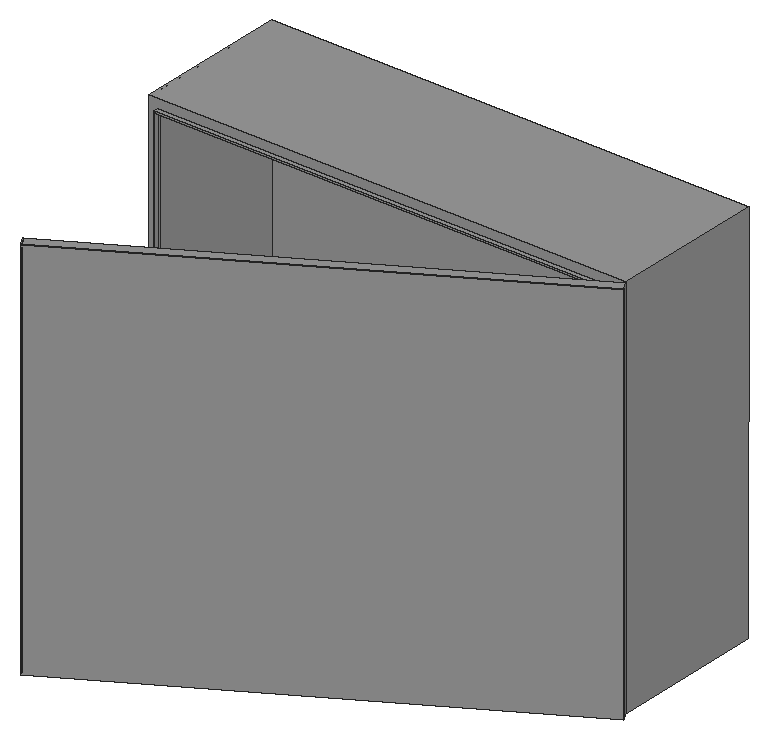
Revit family "Hager-Univers-IP55-D275-H650-Cl.II-Steel_encl-NoHosted-CH-de", category Equipement électrique, Revit 2020
Family settings
  Configuration du panneau = Deux colonnes, circuits au sein
  Cote de connecteur circulaire = Utiliser le diamètre
  Type d'élément = Tableau de raccordement
  Basée sur le plan de construction = Oui
  Toujours verticalement = Oui
  Couper avec des vides une fois chargée = Non
  Partagée = Non
  Point de calcul de pièce = Non
Parameters (values of type "Aufputz IP55 B800 H650 T275  - FR43S")
  Width Control [instance] = if([EF000008 - Breite] > Min Width, [EF000008 - Breite], Min Width)  # 800 mm
  Commentaires du type = [HG000003 - Bereich]  # "Univers"
  Thickness Door [instance] = if([EF009171 - Materialstärke Tür/Deckel] > 3 mm, 3 mm, [EF009171 - Materialstärke Tür/Deckel])  # 1.5 mm
  Seal Frame Offset [instance] = 17 mm  # constant formula
  Plinth Visibility [instance] = [HG000027 - Sockelhöhe] > 0 mm  # no
  Min Width [instance] = 100 mm  # constant formula
  Min Depth [instance] = (2 * [EF009170 - Materialstärke Gehäuse]) + 1 mm  # 4 mm
  Min Height [instance] = 100 mm  # constant formula
  Internal Frame Depth [instance] = (Door System Depth * 0.5)  # 9 mm
  Panel Name [instance] = ""  # (empty or 0)
  Model = ""
  HG000027 - Sockelhöhe = 0 mm
  HG000026 - Stehend auf dem Boden = no
  HG000024 - Höhe des unteren Teils = 600 mm
  HG000023 - Gehäuse mit doppeltem Querschnitt = no
  HG000016 - 3D-Türsichtbarkeit [instance] = yes
  HG000015 - Sichtbarkeit der Türöffnung [instance] = no
  HG000014 - Tür rechts [instance] = yes
  HG000013 - Tür links [instance] = not([HG000014 - Tür rechts])  # no
  HG000012 - Türschwenkwinkel [instance] = 30.00°
  HG000010 - Asymmetrische Türen = no
  HG000009 - Doppelflügeligen Tür = no
  HG000006 - Unterputz = no
  HG000004 - Herstellerreferenz = "FR43S"
  HG000003 - Bereich = "Univers"
  HG000002 - Mit tür = yes
  Frame Offset Bottom [instance] = 10 mm  # constant formula
  Frame Offset [instance] = 15 mm  # constant formula
  EF015940 - Deckel mit Überdruckentlastung = no
  EF011959 - Schutzart (NEMA) = ""
  EF009554 - Anzahl der Öffnungen für Flanschplatten = 6
  EF009212 - Ausführung Deckel = "EV000116 - geschlossen"
  EF009171 - Materialstärke Tür/Deckel = 1.5 mm
  EF009170 - Materialstärke Gehäuse = 1.5 mm
  EF008873 - Nennstrom (In) = 800 A
  EF007800 - Geeignet für Blitzschutz = no
  EF006306 - Mit Schloss = no
  EF006244 - Transparenter Deckel/Tür = no
  EF005474 - Schutzart (IP) = "EV006420 - IP55"
  EF004464 - Art der Tür = "EV002646 - Einzel"
  EF004427 - Anzahl der Module = 144
  EF004293 - Schlagfestigkeit = "EV008784 - IK10"
  EF003532 - Geeignet für Außengebrauch = no
  EF002950 - Breite in Teilungseinheiten = 24
  EF001613 - Funktionserhalt = "EV000494 - ohne"
  EF001596 - Werkstoff des Gehäuses = "EV000179 - Stahl"
  EF001131 - Innentiefe = 275 mm
  EF001088 - Anbaumöglichkeit = yes
  EF000437 - Anzahl der Leitungseinführungen = 6
  EF000339 - Art der Abdeckung = "EV004216 - Tür"
  EF000266 - Anzahl der Reihen = 4
  EF000218 - Einbautiefe = 0 mm
  EF000118 - Mit Montageplatte = no
  EF000116 - RAL-Nummer = "7035"
  EF000049 - Tiefe = 275 mm
  EF000040 - Höhe = 650 mm
  EF000008 - Breite = 800 mm
  EF000007 - Farbe = "EV000270 - grau"
  EF000003 - Montageart = "EV000384 - Aufputz"
  Door System Leaf Tolerance [instance] = 1.5 mm  # constant formula
  Door System Depth [instance] = 18 mm  # constant formula
  Door Height [instance] = Height Control - [HG000027 - Sockelhöhe]  # 650 mm
  Description = ""
  Default Elevation = 1219.2 mm
  Connector Offset [instance] = Height Control / 2  # 325 mm
  Fabricant = "Hager"  # constant formula
  Height Control [instance] = if([EF000040 - Höhe] > Min Height, [EF000040 - Höhe], Min Height)  # 650 mm
  Depth Control [instance] = if([EF000049 - Tiefe] > Min Depth, [EF000049 - Tiefe], Min Depth)  # 275 mm
  Bottom Top Plate Trim [instance] = 1.5 mm  # constant formula
  Plinth height Ctrl [instance] = if([HG000027 - Sockelhöhe] > 0 mm, [HG000027 - Sockelhöhe], 12 mm)  # 12 mm
Types (5, lengths in mm): name | Width Control | HG000010 - Asymmetrische Türen | HG000009 - Doppelflügeligen Tür | HG000004 - Herstellerreferenz | EF009554 - Anzahl der Öffnungen für Flanschplatten | EF004464 - Art der Tür | EF004427 - Anzahl der Module | EF000437 - Anzahl der Leitungseinführungen | EF000008 - Breite
  Aufputz IP55 B1050 H650 T275  - FR44S | 1050 | no | yes | "FR44S" | 8 | "EV003602 - Doppel" | 192 | 8 | 1050
  Aufputz IP55 B1300 H650 T275  - FR45S | 1300 | yes | yes | "FR45S" | 10 | "EV003602 - Doppel" | 240 | 10 | 1300
  Aufputz IP55 B300 H650 T275  - FR41S | 300 | no | no | "FR41S" | 2 | "EV002646 - Einzel" | 48 | 2 | 300
  Aufputz IP55 B550 H650 T275  - FR42S | 550 | no | no | "FR42S" | 4 | "EV002646 - Einzel" | 96 | 4 | 550
  Aufputz IP55 B800 H650 T275  - FR43S | 800 | no | no | "FR43S" | 6 | "EV002646 - Einzel" | 144 | 6 | 800
Reference planes
  plane 1 "Center (Front/Back)": y = 0
  plane 2: z = 0
  plane 3 "Center (Left/Right)": x = 0
  plane 4: y = 0
  plane 5: y = 0
  plane 6: z = 0
  plane 7: x = -400
  plane 8: x = 400
  plane 9: x = 398.5
  plane 10: x = -398.5
  plane 11: z = 0
  plane 12: z = 1.5
  plane 13: y = -275
  plane 14: y = -1.5
  plane 15: x = 0
  plane 16: y = -257
  plane 17: y = -273.5
  plane 18: y = -255.5
  plane 19: x = -383.5
  plane 20: x = 383.5
  plane 21: z = 11.5
  plane 22: x = -383
  plane 23: x = 383
  plane 24: z = 0
  plane 25: z = 650
  plane 26: z = 650
  plane 27: z = 633.5
  plane 28: z = 648.5
Forms (mm)
  Extrusion 1, solid, material "Hager_Steel_RAL7035_Light_Grey", detail levels medium+fine
    sketch origin (-208.679, -4572, 0) x (-1, 0, 0) y (0, -1, 0)
      loop
        line (191.321, -4315) -> (-608.679, -4315) -> (-608.679, -4572) -> (191.321, -4572) -> (191.321, -4315)
    from 0 to 650
  Extrusion 2, void
    sketch origin (-350.771, -275, 1219.2) x (1, 0, 0) y (0, 0, 1)
      loop
        line (-47.729, -570.7) -> (-47.729, -1217.7) -> (749.271, -1217.7) -> (749.271, -570.7) -> (-47.729, -570.7)
    from -19.5 to -273.5
  Extrusion 3, void
    sketch origin (-290.084, -257, 1219.2) x (1, 0, 0) y (0, 0, 1)
      loop
        line (-93.416, -1207.7) -> (673.584, -1207.7) -> (673.584, -585.7) -> (-93.416, -585.7) -> (-93.416, -1207.7)
    from 0 to -1.5
  Extrusion 4, solid, material "Hager_Steel_RAL7035_Light_Grey", visible <- "Plinth Visibility", detail levels medium+fine
    sketch origin (0, 0, 0) x (1, 0, 0) y (0, 1, 0)
      loop
        line (-400, 0) -> (-400, -257) -> (400, -257) -> (400, 0) -> (-400, 0)
    from 0 to 12 <- "Plinth height Ctrl"
  Extrusion 5, solid, material "Hager_Steel_RAL7035_Light_Grey", detail levels coarse
    sketch origin (0, 0, 0) x (1, 0, 0) y (0, 1, 0)
      loop
        line (-400, 0) -> (-400, -275) -> (400, -275) -> (400, 0) -> (-400, 0)
    from 0 to 650 <- "Height Control"
  Sweep 6, void
    path in 3D
      loop
        line (-400, -257, 12) -> (400, -257, 12) -> (400, 0, 12) -> (-400, 0, 12) -> (-400, -257, 12)
    profile origin (-400, -128.5, 12) x (1, 0, 0) y (0, 0, 1)
      loop
        line (0, 0) -> (0, -1.5) -> (1.5, -1.5)
        arc (1.5, -1.5) -> (1.061, -0.439) -> (0, 0) r 1.5
  Extrusion 7, solid, material "Hager_Steel_RAL7035_Light_Grey", detail levels fine
    sketch origin (-400, -257, 0) x (1, 0, 0) y (0, 0, 1)
      loop
        line (16.5, 11.5) -> (783.5, 11.5) -> (783.5, 633.5) -> (16.5, 633.5) -> (16.5, 11.5)
      loop
        line (15, 10) -> (785, 10) -> (785, 635) -> (15, 635) -> (15, 10)
    from 0 to 9 <- "Internal Frame Depth"
Cuts and joins
  Extrusion 2, Extrusion 3 cuts Extrusion 1
  Sweep 6 cuts Extrusion 4
Lines and regions (mm)
  Masking region 1
    outline origin (0, 0, 0) x (1, 0, 0) y (0, 1, 0)
      loop
        line (-400, 0) -> (-400, -275) -> (400, -275) -> (400, 0) -> (-400, 0)
  Masking region 2, detail levels coarse
    outline origin (-290.084, -257, 1219.2) x (-1, 0, 0) y (0, 0, 1)
      loop
        line (-690.084, -1219.2) -> (109.916, -1219.2) -> (109.916, -569.2) -> (-690.084, -569.2) -> (-690.084, -1219.2)
  Masking region 3, detail levels coarse
    outline origin (0, 0, 0) x (0, 1, 0) y (0, 0, 1)
      loop
        line (0, 0) -> (0, 650) -> (-275, 650) -> (-275, 0) -> (0, 0)
  Masking region 4, visible <- "Plinth Visibility", detail levels medium+fine
    outline origin (0, 0, 0) x (0, 1, 0) y (0, 0, 1)
      loop
        line (-1.5, 12) -> (-255.5, 12)
        arc (-255.5, 12) -> (-255.939, 10.939) -> (-257, 10.5) r 1.5
        line (-257, 10.5) -> (-257, 0) -> (0, 0) -> (0, 10.5)
        arc (0, 10.5) -> (-1.061, 10.939) -> (-1.5, 12) r 1.5
  Masking region 5, detail levels medium+fine
    outline origin (0, 0, 594.038) x (0, 1, 0) y (0, 0, 1)
      loop
        line (0, -594.038) -> (0, 55.962) -> (-257, 55.962) -> (-257, -594.038) -> (0, -594.038)
  Masking region 6, detail levels medium+fine
    outline origin (-359.7, -257, 1211.883) x (-1, 0, 0) y (0, 0, 1)
      loop
        line (-759.7, -1211.883) -> (40.3, -1211.883) -> (40.3, -561.883) -> (-759.7, -561.883) -> (-759.7, -1211.883)
  Masking region 7, visible <- "Plinth Visibility", detail levels medium+fine
    outline origin (-320.334, -257, 1041.368) x (-1, 0, 0) y (0, 0, 1)
      loop
        line (-720.334, -1041.368) -> (79.666, -1041.368) -> (79.666, -1030.868)
        arc (79.666, -1030.868) -> (78.606, -1030.429) -> (78.166, -1029.368) r 1.5
        line (78.166, -1029.368) -> (-718.834, -1029.368)
        arc (-718.834, -1029.368) -> (-719.273, -1030.429) -> (-720.334, -1030.868) r 1.5
        line (-720.334, -1030.868) -> (-720.334, -1041.368)
  sketch lines
    curve 1: line (-400, 0, 12) -> (-400, -257, 12)
    curve 2: line (-400, -257, 12) -> (400, -257, 12)
    curve 3: line (400, 0, 12) -> (-400, 0, 12)
    curve 4: line (400, -257, 12) -> (400, 0, 12)
Dimensions and locks
  locked: plane 1 "Center (Front/Back)" to plane 5
  "EF009170 - Materialstärke Gehäuse": plane 7 to plane 10
  "EF009170 - Materialstärke Gehäuse": plane 8 to plane 9
  equal spacing: plane 7, plane 3 "Center (Left/Right)", plane 8
  "Width Control": plane 7 to plane 8
  "Depth Control": plane 4 to plane 13
  "EF009170 - Materialstärke Gehäuse": plane 4 to plane 14
  "Height Control": plane 25 to level
  "HG000027 - Sockelhöhe": plane 11 to level
  "EF009170 - Materialstärke Gehäuse": plane 12 to plane 11
  "EF009170 - Materialstärke Gehäuse": plane 17 to plane 13
  "EF009170 - Materialstärke Gehäuse": plane 18 to plane 16
  "Frame Offset Bottom": plane 21 to plane 12
  "Frame Offset": plane 10 to plane 19
  "Frame Offset": plane 9 to plane 20
  "Door System Depth": plane 16 to plane 13
  "Seal Frame Offset": plane 7 to plane 22
  "Seal Frame Offset": plane 8 to plane 23
  "EF009170 - Materialstärke Gehäuse": plane 26 to plane 28
  "Frame Offset": plane 28 to plane 27
  "Connector Offset": plane 2 to connector elem
  "Bottom Top Plate Trim": profile plane to Sweep 6 sketch curve
  "Bottom Top Plate Trim": Sweep 6 sketch curve to Sweep 6 sketch curve
  "Plinth height Ctrl": Masking region 4 sketch curve to level
  "Plinth height Ctrl": Masking region 7 sketch curve to level
  "Thickness Door": Extrusion 7 sketch curve to Extrusion 7 sketch curve  (x4)
  "Bottom Top Plate Trim": radius of Sweep 6 sketch curve
  "Bottom Top Plate Trim": radius of Masking region 4 sketch curve  (x2)
  "Bottom Top Plate Trim": radius of Masking region 7 sketch curve  (x2)
  aligned and locked: Extrusion 2 sketch curve to plane 12
  aligned and locked: Extrusion 2 sketch curve to plane 9
  aligned and locked: Extrusion 2 sketch curve to plane 10
  aligned and locked: Extrusion 2 to plane 14
  aligned and locked: Extrusion 1 sketch curve to plane 4
  aligned and locked: plane 8 to Extrusion 1 sketch curve
  aligned and locked: plane 7 to Extrusion 1 sketch curve
  aligned and locked: Extrusion 2 to plane 18
  aligned and locked: Extrusion 3 sketch curve to plane 19
  aligned and locked: plane 20 to Extrusion 3 sketch curve
  aligned and locked: Extrusion 3 to Extrusion 2
  aligned and locked: Extrusion 3 sketch curve to plane 21
  aligned and locked: plane 3 "Center (Left/Right)" to nested 1
  aligned and locked: Extrusion 1 sketch curve to plane 16
  aligned and locked: Extrusion 4 sketch curve to cut or joined group of Extrusion 1, Extrusion 2, Extrusion 3
  aligned and locked: Masking region 1 sketch curve to plane 7
  aligned and locked: Masking region 1 sketch curve to plane 5
  aligned and locked: Masking region 1 sketch curve to plane 8
  aligned and locked: Masking region 2 sketch curve to level
  aligned and locked: level to Masking region 3 sketch curve
  aligned and locked: plane 1 "Center (Front/Back)" to Masking region 3 sketch curve
  aligned and locked: plane 13 to Masking region 3 sketch curve
  aligned and locked: plane 5 to Masking region 4 sketch curve
  aligned and locked: Masking region 2 sketch curve to plane 8
  aligned and locked: Masking region 2 sketch curve to plane 7
  aligned and locked: plane 7 to nested 2
  aligned and locked: nested 2 to plane 5
  aligned and locked: plane 5 to Masking region 5 sketch curve
  aligned and locked: plane 26 to Masking region 5 sketch curve
  aligned and locked: Extrusion 5 sketch curve to plane 8
  aligned and locked: Extrusion 5 sketch curve to plane 7
  aligned and locked: Extrusion 5 sketch curve to plane 5
  aligned and locked: Extrusion 3 sketch curve to plane 27
  aligned and locked: Extrusion 2 sketch curve to plane 28
  aligned and locked: Masking region 2 to plane 25
  aligned and locked: Extrusion 4 to plane 16
  aligned and locked: profile plane to Sweep 6 sketch curve
  aligned and locked: Masking region 5 sketch curve to plane 24
  aligned and locked: level to Masking region 4 sketch curve
  aligned and locked: Masking region 1 to plane 13
  aligned and locked: nested 1 to plane 16
  aligned and locked: Masking region 3 to plane 25
  aligned and locked: plane 16 to Masking region 4 sketch curve
  aligned and locked: Masking region 5 sketch curve to plane 16
  aligned and locked: plane 24 to plane 11
  aligned and locked: plane 26 to plane 25
  aligned and locked: plane 26 to cut or joined group of Extrusion 1, Extrusion 2, Extrusion 3
  aligned and locked: nested 1 to plane 24
  aligned and locked: Extrusion 1 to Extrusion 3
  aligned and locked: Masking region 6 sketch curve to plane 8
  aligned and locked: Masking region 6 sketch curve to plane 24
  aligned and locked: Masking region 6 sketch curve to plane 7
  aligned and locked: Masking region 6 sketch curve to plane 26
  aligned and locked: Masking region 7 sketch curve to plane 7
  aligned and locked: level to Masking region 7 sketch curve
  aligned and locked: Masking region 7 sketch curve to plane 8
  aligned and locked: Extrusion 7 sketch curve to cut or joined group of Extrusion 1, Extrusion 2, Extrusion 3  (x4)
Automatic sketch dimensions
  plane 19 to Extrusion 3 sketch curve = 0 mm
  Extrusion 3 sketch curve to plane 20 = 0 mm
  Extrusion 3 sketch curve to plane 21 = 0 mm
  Extrusion 4 sketch curve to plane 7 = 0 mm
  Extrusion 4 sketch curve to plane 8 = 0 mm
  Extrusion 4 sketch curve to plane 16 = 0 mm
  Masking region 1 sketch curve to plane 13 = 0 mm
  Masking region 2 sketch curve to plane 25 = 0 mm
  Masking region 3 sketch curve to plane 25 = 0 mm
  Extrusion 5 sketch curve to plane 13 = 0 mm
  profile plane to Sweep 6 sketch curve = 0 mm
Nested families
  nested 1: "EC000058_Univers_Door" at (0, -257, 0), Double <- "HG000009 - Doppelflügeligen Tür", Transparent <- "EF006244 - Transparenter Deckel/Tür", Angle <- "HG000012 - Türschwenkwinkel", Door_Right <- "HG000014 - Tür rechts", Assymetrical <- "HG000010 - Asymmetrische Türen", Door <- "HG000002 - Mit tür", Width_Ctrl <- "Width Control", 3d_Door <- "HG000016 - 3D-Türsichtbarkeit", Clearance <- "HG000015 - Sichtbarkeit der Türöffnung", Door_Left <- "HG000013 - Tür links", Width <- "Width Control", Door_Depth <- "Door System Depth", Leaf_Tolerance <- "Door System Leaf Tolerance", Height <- "Door Height", Lock_Visibility <- "EF006306 - Mit Schloss", Thickness <- "Thickness Door", type "EC000058_Univers_Door", detail levels medium+fine
    with min_wh 4 mm, Width_Ctrl 800 mm, Width 800 mm, Transparent no, Thickness 1.5 mm, Seal_Material Hager_Rubber, Lock_Visibility no, Lock_Material Hager_Plastic_RAL9005_Jet_Black, Leaf_Width 800 mm, Leaf_Tolerance_External_Sides 0 mm, Leaf_Tolerance 1.5 mm, Leaf_Offset 0 mm, Leaf_Height 647 mm, Leaf_2_Width 800 mm, Leaf_2_Offset 400 mm, Leaf_1_Width 800 mm, Leaf_1_Offset 400 mm, Height_Ctrl 650 mm, Height 650 mm, Glass_Material Hager_Glass, Double_Clearance_Ctrl no, Double no, Door_Right_Ctrl yes, Door_Right yes, Door_Material Hager_Steel_RAL7035_Light_Grey, Door_Left_Ctrl no, Door_Left no, Door_Depth 18 mm, Door yes, Clearance_Material Hager_Clearance, Clearance_Depth 800 mm, Clearance_Ctrl no, Clearance no, Assymetrical no, Angle 30.00°, 3d_Door yes
  nested 2: "Hager_Enclosure_Symbol" at (-400, 0, 0), Height <- "Depth Control", Width <- "Width Control", type "Hager_Enclosure_Symbol"
    with Width_Ctrl 800 mm, Width 800 mm, Height_Ctrl 275 mm, Height 275 mm, A_Width_Int 18.047 mm, A_Width 216.562 mm, A_Height_Ctrl 240.625 mm, A_Height 240.625 mm
Connectors
  electrical at (0, 0, 325)
    settings: on plane 1 "Center (Front/Back)", index 1, voltage 0 V, apparent load 0 VA, apparent load phase1 0 VA, apparent load phase2 0 VA, apparent load phase3 0 VA, power factor 1, load classification "Other", number of poles 1, system type 30, power factor state 1, is connector primary yes, connector utility no, sub classification motor no, connector description ""
Definition of nested family "EC000058_Univers_Door"
  Parameters (values of type "EC000058_Univers_Door")
    min_wh [instance] = (2 * Thickness) + 1 mm  # 11 mm
    Width_Ctrl [instance] = 400 mm
    Width [instance] = 500 mm
    Transparent [instance] = yes
    Thickness [instance] = 5 mm
    Seal_Material [instance] = none
    Lock_Visibility [instance] = yes
    Lock_Material [instance] = none
    Leaf_Width [instance] = if((Width_Ctrl - 2 * Leaf_Tolerance_External_Sides) > 0 mm, (Width_Ctrl - 2 * Leaf_Tolerance_External_Sides), min_wh)  # 400 mm
    Leaf_Tolerance_External_Sides [instance] = 0 mm  # constant formula
    Leaf_Tolerance [instance] = 1.5 mm
    Leaf_Offset [instance] = 0 mm  # constant formula
    Leaf_Height [instance] = if((Height_Ctrl - 2 * Leaf_Tolerance) > 0 mm, (Height_Ctrl - 2 * Leaf_Tolerance), min_wh)  # 497 mm
    Leaf_2_Width [instance] = if(and(and(Double, Assymetrical), Door_Left), (Leaf_Width / 3) - (Leaf_Tolerance / 2), if(and(and(Double, Assymetrical), Door_Right), (Leaf_Width / 3) * 2 - (Leaf_Tolerance / 2), if(and(Double, not(Assymetrical)), (Leaf_Width / 2) - Leaf_Tolerance, Leaf_Width)))  # 400 mm
    Leaf_2_Offset [instance] = if(and(Double, Assymetrical), Leaf_2_Width / 2, if(and(Double, not(Assymetrical)), Leaf_Width / 4, Leaf_Width / 2))  # 200 mm
    Leaf_1_Width [instance] = if(and(and(Double, Assymetrical), Door_Right), (Leaf_Width / 3) - (Leaf_Tolerance / 2), if(and(and(Double, Assymetrical), Door_Left), (Width / 3) * 2 - (Leaf_Tolerance / 2), if(and(Double, not(Assymetrical)), (Leaf_Width / 2) - Leaf_Tolerance, Leaf_Width)))  # 400 mm
    Leaf_1_Offset [instance] = if(and(Double, Assymetrical), Leaf_1_Width / 2, if(and(Double, not(Assymetrical)), Leaf_Width / 4, Leaf_Width / 2))  # 200 mm
    Height_Ctrl [instance] = if(Height > min_wh, Height, min_wh)  # 500 mm
    Height [instance] = 500 mm
    Glass_Material [instance] = none
    Double_Clearance_Ctrl [instance] = and(Double, Clearance)  # no
    Double [instance] = no
    Door_Right_Ctrl [instance] = and(or(Door_Right, Double), Door)  # yes
    Door_Right [instance] = yes
    Door_Material [instance] = none
    Door_Left_Ctrl [instance] = and(or(Door_Left, Double), Door)  # no
    Door_Left [instance] = no
    Door_Depth [instance] = 30 mm
    Door [instance] = yes
    Default Elevation = 1219.2 mm
    Clearance_Material [instance] = none
    Clearance_Depth [instance] = if(Leaf_1_Width > Leaf_2_Width, Leaf_1_Width, Leaf_2_Width)  # 400 mm
    Clearance_Ctrl [instance] = and(not(Double), Clearance)  # yes
    Clearance [instance] = yes
    Assymetrical [instance] = yes
    Angle [instance] = 30.00°
    3d_Door [instance] = yes
  Reference planes
    plane 1 "Center (Front/Back)": y = 0
    plane 2 "Bottom": z = 0
    plane 3 "Center (Left/Right)": x = 0
    plane 4: z = 500
    plane 5: x = -200
    plane 6: x = 200
    plane 7: z = 500
    plane 8: x = -200
    plane 9: z = 0
    plane 10: x = 200
    plane 11: y = 0
    plane 12: z = 1.5
    plane 13: x = -600
    plane 14: y = -400
    plane 15: x = 600
    plane 16: x = 0
    plane 17: x = 0
    plane 18: x = -200
    plane 19: x = 200
    plane 20: z = 498.5
  Forms (mm)
    Extrusion 1, solid, material <- "Clearance_Material", visible <- "Double_Clearance_Ctrl"
      sketch origin (1200, 0, 0) x (1, 0, 0) y (0, 0, -1)
        loop
          line (-1800, -498.5) -> (-600, -498.5) -> (-600, 0) -> (-1800, 0) -> (-1800, -498.5)
      from 0 to -400
  Dimensions and locks
    equal spacing: plane 5, plane 3 "Center (Left/Right)", plane 6
    "Width_Ctrl": plane 5 to plane 6
    "Leaf_Offset": plane 5 to plane 8
    "Leaf_Offset": plane 6 to plane 10
    "Leaf_Offset": plane 9 to level
    "Leaf_Offset": plane 4 to plane 7
    "Height_Ctrl": plane 4 to level
    "Leaf_Tolerance": plane 12 to plane 9
    locked: plane 11 to plane 1 "Center (Front/Back)"
    "Leaf_1_Offset": plane 18 to plane 16
    "Leaf_2_Offset": plane 17 to plane 19
    "Leaf_1_Width": plane 13 to plane 8
    "Leaf_2_Width": plane 10 to plane 15
    "Clearance_Depth": plane 14 to plane 1 "Center (Front/Back)"
    "Leaf_Tolerance_External_Sides": plane 8 to plane 18
    "Leaf_Tolerance_External_Sides": plane 19 to plane 10
    "Leaf_Tolerance": plane 7 to plane 20
    aligned and locked: level to plane 2 "Bottom"
    aligned and locked: nested 1 to plane 16
    aligned and locked: nested 2 to plane 17
    aligned and locked: Extrusion 1 to plane 13
    aligned and locked: plane 15 to Extrusion 1
    aligned and locked: Extrusion 1 to plane 14
    aligned and locked: plane 12 to nested 1
    aligned and locked: nested 2 to plane 12
    aligned and locked: Extrusion 1 to plane 11
    aligned and locked: plane 20 to Extrusion 1
    aligned and locked: nested 2 to plane 11
    aligned and locked: nested 1 to plane 11
  Automatic sketch dimensions
    Extrusion 1 sketch curve to level = 0 mm
    plane 5 to Extrusion 1 sketch curve = 400 mm
    plane 6 to Extrusion 1 sketch curve = 400 mm
    Extrusion 1 sketch curve to plane 4 = 1.5 mm
  Nested families
    nested 1: "EC000058_Univers_Door_Leaf" at (0, 0, 1.5), Width <- "Leaf_1_Width", visible <- "Door_Left_Ctrl", Leaf_Height <- "Leaf_Height", Angle <- "Angle", 3d_Door <- "3d_Door", Transparent <- "Transparent", Clearance Material <- "Clearance_Material", Clearance <- "Clearance_Ctrl", Door_Material <- "Door_Material", Glass_Material <- "Glass_Material", Door_Depth <- "Door_Depth", Lock_Material <- "Lock_Material", Seal_Material <- "Seal_Material", Lock_Visibility <- "Lock_Visibility", Thickness <- "Thickness", type "EC000058_Univers_Door_Leaf"
      with Width 400 mm, Transparent_Glass_Offset 30 mm, Transparent_Ctrl yes, Transparent yes, Thickness 5 mm, Standard no, Seal_Material none, Seal_D2 8 mm, Seal_D1 1 mm, Offset_Internal_Frame 10 mm, Lock_Width 20 mm, Lock_Visibility_3d yes, Lock_Visibility yes, Lock_Thickness_3 3 mm, Lock_Thickness_2 1 mm, Lock_Thickness_1 3 mm, Lock_Radius_Offset_2 16 mm, Lock_Radius_Offset_1 15 mm, Lock_Radius_2 5 mm, Lock_Radius 6 mm, Lock_Offset 5 mm, Lock_Material none, Lock_Height 80 mm, Lock_Cover_Top_Offset_2d 17 mm, Lock_Cover_Height -65 mm, Leaf_Height 497 mm, Internal_Seal_Thickness 8 mm, Internal_Seal_Depth_2 4.5 mm, Internal_Frame_Depth 25 mm, Glass_Thickness -1 mm, Glass_Offset -2 mm, Glass_Material none, Door_Material none, Door_Depth 30 mm, Clearance Material none, Clearance yes, Angle_Ctrl 30.00°, Angle 30.00°, 3d_Door yes
    nested 2: "EC000058_Univers_Door_Leaf" at (0, 0, 1.5) x (-1, 0, 0) z (0, 0, 1), Width <- "Leaf_2_Width", visible <- "Door_Right_Ctrl", Leaf_Height <- "Leaf_Height", Angle <- "Angle", 3d_Door <- "3d_Door", Transparent <- "Transparent", Clearance Material <- "Clearance_Material", Clearance <- "Clearance_Ctrl", Door_Material <- "Door_Material", Glass_Material <- "Glass_Material", Door_Depth <- "Door_Depth", Lock_Material <- "Lock_Material", Seal_Material <- "Seal_Material", Lock_Visibility <- "Lock_Visibility", Thickness <- "Thickness", type "EC000058_Univers_Door_Leaf"
      with Width 400 mm, Transparent_Glass_Offset 30 mm, Transparent_Ctrl yes, Transparent yes, Thickness 5 mm, Standard no, Seal_Material none, Seal_D2 8 mm, Seal_D1 1 mm, Offset_Internal_Frame 10 mm, Lock_Width 20 mm, Lock_Visibility_3d yes, Lock_Visibility yes, Lock_Thickness_3 3 mm, Lock_Thickness_2 1 mm, Lock_Thickness_1 3 mm, Lock_Radius_Offset_2 16 mm, Lock_Radius_Offset_1 15 mm, Lock_Radius_2 5 mm, Lock_Radius 6 mm, Lock_Offset 5 mm, Lock_Material none, Lock_Height 80 mm, Lock_Cover_Top_Offset_2d 17 mm, Lock_Cover_Height -65 mm, Leaf_Height 497 mm, Internal_Seal_Thickness 8 mm, Internal_Seal_Depth_2 4.5 mm, Internal_Frame_Depth 25 mm, Glass_Thickness -1 mm, Glass_Offset -2 mm, Glass_Material none, Door_Material none, Door_Depth 30 mm, Clearance Material none, Clearance yes, Angle_Ctrl 30.00°, Angle 30.00°, 3d_Door yes
  Definition of nested family "EC000058_Univers_Door_Leaf"
    Parameters (values of type "EC000058_Univers_Door_Leaf")
      Width [instance] = 2000 mm
      Transparent_Glass_Offset [instance] = 30 mm
      Transparent_Ctrl [instance] = and(Transparent, [3d_Door])  # yes
      Transparent [instance] = yes
      Thickness [instance] = 5 mm
      Standard [instance] = and(not(Transparent), [3d_Door])  # no
      Seal_Material [instance] = none
      Seal_D2 [instance] = 8 mm  # constant formula
      Seal_D1 [instance] = 1 mm  # constant formula
      Offset_Internal_Frame [instance] = 10 mm  # constant formula
      Lock_Width [instance] = 20 mm  # constant formula
      Lock_Visibility_3d [instance] = and(Lock_Visibility, [3d_Door])  # yes
      Lock_Visibility [instance] = yes
      Lock_Thickness_3 [instance] = 3 mm  # constant formula
      Lock_Thickness_2 [instance] = 1 mm  # constant formula
      Lock_Thickness_1 [instance] = 3 mm  # constant formula
      Lock_Radius_Offset_2 [instance] = Lock_Radius_Offset_1 + 1 mm  # 16 mm
      Lock_Radius_Offset_1 [instance] = 15 mm  # constant formula
      Lock_Radius_2 [instance] = Lock_Radius - 1 mm  # 5 mm
      Lock_Radius [instance] = 6 mm  # constant formula
      Lock_Offset [instance] = 5 mm  # constant formula
      Lock_Material [instance] = none
      Lock_Height [instance] = 80 mm  # constant formula
      Lock_Cover_Top_Offset_2d [instance] = Lock_Radius_Offset_2 + 1 mm  # 17 mm
      Lock_Cover_Height [instance] = -(Lock_Height - Lock_Radius_Offset_1)  # -65 mm
      Leaf_Height [instance] = 2720.336 mm
      Internal_Seal_Thickness [instance] = 8 mm  # constant formula
      Internal_Seal_Depth_2 [instance] = 4.5 mm  # constant formula
      Internal_Frame_Depth [instance] = if(Door_Depth - Thickness > 5 mm, Door_Depth - Thickness, 5 mm)  # 25 mm
      Glass_Thickness [instance] = if(Thickness > 15 mm, Glass_Offset + 10 mm, -1 mm)  # -1 mm
      Glass_Offset [instance] = if(Thickness > 15 mm, -(Thickness + 10 mm) / 2, -2 mm)  # -2 mm
      Glass_Material [instance] = none
      Door_Material [instance] = none
      Door_Depth [instance] = 30 mm
      Default Elevation = 0 mm
      Clearance Material [instance] = none
      Clearance [instance] = yes
      Angle_Ctrl [instance] = if(Angle > 180.00°, 180.00°, Angle)  # 90.00°
      Angle [instance] = 90.00°
      3d_Door [instance] = yes
    Reference planes
      plane 1 "Center (Front/Back)": y = 0
      plane 2: z = 0
      plane 3 "Center (Left/Right)": x = 0
      plane 4: y = 2000
      plane 5: x = -1000
      plane 6: x = 1000
      plane 7: x = -3000
      plane 8: z = 2720.336
      plane 9: z = 30
      plane 10: z = 2690.336
      plane 11: x = 970
      plane 12: x = -970
      plane 13: y = -3
      plane 14: z = 107.833
      plane 15: y = -5
      plane 16: y = -223.314
      plane 17: x = -1000
      plane 18: z = 1360.168
      plane 19: y = 30
    Forms (mm)
      Extrusion 1, solid, material <- "Clearance Material", visible <- "Clearance"
        sketch origin (0, 0, 0) x (1, 0, 0) y (0, 0, 1)
          loop
            line (-3000, 2720.336) -> (-3000, 0) -> (1000, 0) -> (1000, 2720.336) -> (-3000, 2720.336)
        from 0 to -2000
      Extrusion 2, solid, material <- "Door_Material", visible <- "Standard", detail levels medium+fine
        sketch origin (-1000, 0, 0) x (0, 1, 0) y (-1, 0, 0)
          loop
            line (0, 30) -> (0, 25) -> (2000, 25) -> (2000, 30) -> (0, 30)
        from 0 to 2720.336 <- "Leaf_Height"
      Extrusion 3, solid, material <- "Door_Material", visible <- "Transparent_Ctrl", detail levels medium+fine
        sketch origin (-1000, 0, 0) x (0, 1, 0) y (-1, 0, 0)
          loop
            line (0, 25) -> (2000, 25) -> (2000, 30) -> (0, 30) -> (0, 25)
        from 0 to 2720.336 <- "Leaf_Height"
      Extrusion 4, void
        sketch origin (-1025, 2000, 0) x (0, 1, 0) y (0, 0, -1)
          loop
            line (-30, -2690.336) -> (-30, -30) -> (-1970, -30) -> (-1970, -2690.336) -> (-30, -2690.336)
        from 0 to 5 <- "Thickness"
      Sweep 5, solid, material <- "Seal_Material", visible <- "Transparent_Ctrl", detail levels fine
        path in 3D
          loop
            line (-1025, 30, 30) -> (-1025, 30, 2690.336) -> (-1025, 1970, 2690.336) -> (-1025, 1970, 30) -> (-1025, 30, 30)
        profile origin (-1025, 1000, 30) x (1, 0, 0) y (0, 0, 1)
          loop
            line (0, 0) -> (0, -8) -> (1, -8) -> (1, 0) -> (0, 0)
      Extrusion 6, solid, material <- "Glass_Material", visible <- "Transparent_Ctrl", detail levels medium+fine
        sketch origin (-1030, 0, 0) x (0, 1, 0) y (0, 0, -1)
          loop
            line (1970, -2690.336) -> (1970, -30) -> (30, -30) -> (30, -2690.336) -> (1970, -2690.336)
        from -2 <- "Glass_Offset" to -1 <- "Glass_Thickness"
      Extrusion 7, solid, material <- "Door_Material", visible <- "3d_Door", detail levels medium+fine
        sketch origin (-1025, 2000, 0) x (0, -1, 0) y (0, 0, -1)
          loop
            line (0, -2720.336) -> (2000, -2720.336) -> (2000, 0) -> (0, 0) -> (0, -2720.336)
          loop
            line (1995, -5) -> (5, -5) -> (5, -2715.336) -> (1995, -2715.336) -> (1995, -5)
        from 0 to 25 <- "Internal_Frame_Depth"
      Sweep 8, solid, material <- "Seal_Material", visible <- "Transparent_Ctrl", detail levels fine
        path in 3D
          loop
            line (-1025, 0, 0) -> (-1025, 2000, 0) -> (-1025, 2000, 2720.336) -> (-1025, 0, 2720.336) -> (-1025, 0, 0)
        profile origin (-1025, 0, 1360.168) x (1, 0, 0) y (0, 1, 0)
          loop
            line (0, 10) -> (2.975, 10)
            arc (2.975, 10) -> (4.053, 10.447) -> (4.5, 11.525) r 1.525
            line (4.5, 11.525) -> (4.5, 16.527)
            arc (4.5, 16.527) -> (4.069, 17.569) -> (3.027, 18) r 1.473
            line (3.027, 18) -> (0, 18) -> (0, 10)
      Extrusion 9, solid, material <- "Lock_Material", visible <- "Lock_Visibility_3d", detail levels fine
        sketch origin (-1030, 0, 0) x (0, 1, 0) y (0, 0, -1)
          loop
            arc (1993.5, -1400.168) -> (1994.561, -1399.729) -> (1995, -1398.668) r 1.5
            line (1995, -1398.668) -> (1995, -1320.168) -> (1975, -1320.168) -> (1975, -1398.668)
            arc (1975, -1398.668) -> (1975.439, -1399.729) -> (1976.5, -1400.168) r 1.5
            line (1976.5, -1400.168) -> (1993.5, -1400.168)
        from 3 <- "Lock_Thickness_1" to 0
      Blend 10, solid, material <- "Lock_Material", visible <- "Lock_Visibility_3d", detail levels fine
        base sketch origin (-1033, 0, 0) x (0, 1, 0) y (0, 0, -1)
          loop
            line (1975, -1320.168) -> (1975, -1398.668)
            arc (1975, -1398.668) -> (1975.439, -1399.729) -> (1976.5, -1400.168) r 1.5
            line (1976.5, -1400.168) -> (1993.5, -1400.168)
            arc (1993.5, -1400.168) -> (1994.561, -1399.729) -> (1995, -1398.668) r 1.5
            line (1995, -1398.668) -> (1995, -1320.168) -> (1975, -1320.168)
        top sketch origin (-1033, 0, 0) x (0, 1, 0) y (0, 0, -1)
          loop
            line (1976, -1320.168) -> (1976, -1398.668)
            arc (1976, -1398.668) -> (1976.146, -1399.022) -> (1976.5, -1399.168) r 0.5
            line (1976.5, -1399.168) -> (1993.5, -1399.168)
            arc (1993.5, -1399.168) -> (1993.854, -1399.022) -> (1994, -1398.668) r 0.5
            line (1994, -1398.668) -> (1994, -1320.168) -> (1976, -1320.168)
        from 0 to 1 <- "Lock_Thickness_2"
      Blend 11, solid, material <- "Lock_Material", visible <- "Lock_Visibility_3d", detail levels fine
        base sketch origin (-1034, 0, 0) x (0, 1, 0) y (0, 0, -1)
          loop
            line (1978, -1320.168) -> (1978, -1384.168)
            arc (1978, -1384.168) -> (1985, -1391.168) -> (1992, -1384.168) r 7
            line (1992, -1384.168) -> (1992, -1320.168) -> (1978, -1320.168)
        top sketch origin (-1034, 0, 0) x (0, 1, 0) y (0, 0, -1)
          loop
            line (1991, -1320.168) -> (1979, -1320.168) -> (1979, -1383.168)
            arc (1979, -1383.168) -> (1985, -1389.168) -> (1991, -1383.168) r 6
            line (1991, -1383.168) -> (1991, -1320.168)
        from 0 to 3 <- "Lock_Thickness_3"
      Extrusion 12, solid, material <- "Lock_Material", visible <- "Lock_Visibility_3d", detail levels fine
        sketch origin (-1030, 1975, 1320.168) x (1, 0, 0) y (0, -1, 0)
          loop
            line (-7, -19) -> (-7, -1) -> (0, -1) -> (0, 0) -> (-8, 0) -> (-8, -20) -> (0, -20) -> (0, -19) -> (-7, -19)
        from 0 to -65 <- "Lock_Cover_Height"
      Extrusion 13, void
        sketch origin (-1038, 1995, 1320.168) x (-1, 0, 0) y (0, 0, -1)
          loop
            line (-5, -65) -> (0, -65) -> (-5, -60) -> (-5, -65)
        from 0 to 20 <- "Lock_Width"
      Extrusion 14, void
        sketch origin (-1038, 1975, 1320.168) x (0, -1, 0) y (0, 0, -1)
          loop
            circle (-10, -15.995) r 6
          loop
            circle (-10, -15.995) r 5
        from 0 to 2
      Extrusion 15, solid, material <- "Lock_Material", visible <- "Lock_Visibility_3d", detail levels medium
        sketch origin (-1030, 0, 0) x (0, 1, 0) y (0, 0, -1)
          loop
            arc (1993.5, -1400.168) -> (1994.561, -1399.729) -> (1995, -1398.668) r 1.5
            line (1995, -1398.668) -> (1995, -1320.168) -> (1975, -1320.168) -> (1975, -1398.668)
            arc (1975, -1398.668) -> (1975.439, -1399.729) -> (1976.5, -1400.168) r 1.5
            line (1976.5, -1400.168) -> (1993.5, -1400.168)
        from 8 to 0
    Cuts and joins
      Extrusion 4 cuts Extrusion 3
      Extrusion 13, Extrusion 14 cuts Extrusion 9
      Extrusion 14 cuts Blend 11
      Extrusion 13, Extrusion 14 cuts Extrusion 12
      joined: Extrusion 9, Blend 10, Blend 11, Extrusion 12
      Extrusion 14 cuts Extrusion 15
    Lines and regions (mm)
      Masking region 1, visible <- "Lock_Visibility", detail levels fine
        outline origin (0, 0, 0) x (0, 1, 0) y (0, 0, 1)
          loop
            line (30, 1320.168) -> (33, 1320.168) -> (33, 1400.168) -> (30, 1400.168) -> (30, 1320.168)
      Masking region 2, visible <- "Lock_Visibility", detail levels fine
        outline origin (0, 3.143, 0) x (0, 1, 0) y (0, 0, 1)
          loop
            line (29.857, 1354.168) -> (30.857, 1354.168) -> (30.857, 1366.168) -> (29.857, 1366.168) -> (29.857, 1354.168)
      Masking region 3, detail levels medium+fine
        outline origin (0, 0, 0) x (0, 1, 0) y (0, 0, 1)
          loop
            line (0, 0) -> (30, 0) -> (30, 2720.336) -> (0, 2720.336) -> (0, 0)
      Masking region 4, detail levels medium+fine
        outline origin (0, 0, 0) x (1, 0, 0) y (0, 0, 1)
          loop
            line (-1000, 2720.336) -> (-1000, 0) -> (1000, 0) -> (1000, 2720.336) -> (-1000, 2720.336)
      Masking region 5, visible <- "Lock_Visibility", detail levels fine
        outline origin (-47.116, 0, 0) x (1, 0, 0) y (0, 0, 1)
          loop
            arc (1024.616, 1399.168) -> (1023.556, 1398.729) -> (1023.116, 1397.668) r 1.5
            line (1023.116, 1397.668) -> (1023.116, 1320.168) -> (1041.116, 1320.168) -> (1041.116, 1397.668)
            arc (1041.116, 1397.668) -> (1040.677, 1398.729) -> (1039.616, 1399.168) r 1.5
            line (1039.616, 1399.168) -> (1024.616, 1399.168)
      Masking region 6, visible <- "Lock_Visibility", detail levels medium+fine
        outline origin (-25, 0, 0) x (1, 0, 0) y (0, 0, 1)
          loop
            arc (1001.5, 1400.168) -> (1000.439, 1399.729) -> (1000, 1398.668) r 1.5
            line (1000, 1398.668) -> (1000, 1320.168) -> (1020, 1320.168) -> (1020, 1398.668)
            arc (1020, 1398.668) -> (1019.561, 1399.729) -> (1018.5, 1400.168) r 1.5
            line (1018.5, 1400.168) -> (1001.5, 1400.168)
      Masking region 7, visible <- "Lock_Visibility", detail levels fine
        outline origin (-73.735, 0, 0) x (1, 0, 0) y (0, 0, 1)
          loop
            line (1051.735, 1382.168) -> (1065.735, 1382.168) -> (1065.735, 1384.168)
            arc (1065.735, 1384.168) -> (1058.735, 1391.168) -> (1051.735, 1384.168) r 7
            line (1051.735, 1384.168) -> (1051.735, 1382.168)
      Masking region 8, visible <- "Lock_Visibility", detail levels fine
        outline origin (-73.735, 0, 0) x (1, 0, 0) y (0, 0, 1)
          loop
            line (1052.735, 1382.168) -> (1064.735, 1382.168) -> (1064.735, 1383.168)
            arc (1064.735, 1383.168) -> (1058.735, 1389.168) -> (1052.735, 1383.168) r 6
            line (1052.735, 1383.168) -> (1052.735, 1382.168)
      Masking region 9, visible <- "Lock_Visibility", detail levels fine
        outline origin (-25, 0, 0) x (1, 0, 0) y (0, 0, 1)
          loop
            line (1020, 1320.168) -> (1020, 1382.168) -> (1000, 1382.168) -> (1000, 1320.168) -> (1020, 1320.168)
      Masking region 10, detail levels medium+fine
        outline origin (0, 0, 0) x (1, 0, 0) y (0, 0, 1)
          loop
            circle (985, 1335.144) r 6
      Masking region 11, detail levels fine
        outline origin (0, 0, 0) x (1, 0, 0) y (0, 0, 1)
          loop
            circle (985, 1335.144) r 5
      Masking region 12, visible <- "Lock_Visibility", detail levels fine
        outline origin (0, 12.767, 0) x (0, 1, 0) y (0, 0, 1)
          loop
            line (20.233, 1320.168) -> (21.233, 1320.168) -> (21.233, 1399.168) -> (20.233, 1400.168) -> (20.233, 1320.168)
      Masking region 13, visible <- "Lock_Visibility", detail levels fine
        outline origin (0, 13.767, -10) x (0, 1, 0) y (0, 0, 1)
          loop
            line (20.233, 1330.168) -> (23.233, 1330.168) -> (23.233, 1399.168) -> (20.233, 1402.168) -> (20.233, 1330.168)
      Masking region 14, visible <- "Lock_Visibility", detail levels fine
        outline origin (0, 12.767, -10) x (0, 1, 0) y (0, 0, 1)
          loop
            line (20.233, 1330.168) -> (25.233, 1330.168) -> (25.233, 1399.305) -> (20.233, 1394.305) -> (20.233, 1330.168)
      Masking region 15, visible <- "Lock_Visibility", detail levels medium
        outline origin (0, 0, 0) x (0, 1, 0) y (0, 0, 1)
          loop
            line (30, 1320.168) -> (38, 1320.168) -> (38, 1400.168) -> (30, 1400.168) -> (30, 1320.168)
      Masking region 16, visible <- "Lock_Visibility", detail levels fine
        outline origin (-1000, 0, 0) x (0, 1, 0) y (-1, 0, 0)
          loop
            line (1975, 30) -> (1995, 30) -> (1995, 38) -> (1975, 38) -> (1975, 30)
          loop
            line (1979, 37) -> (1976, 37) -> (1976, 34) -> (1978, 34) -> (1979, 37)
          loop
            line (1994, 37) -> (1991, 37) -> (1992, 34) -> (1994, 34) -> (1994, 37)
      Masking region 17, visible <- "Lock_Visibility", detail levels medium
        outline origin (-1000, 0, 0) x (0, 1, 0) y (-1, 0, 0)
          loop
            line (1975, 30) -> (1995, 30) -> (1995, 38) -> (1975, 38) -> (1975, 30)
      symbolic lines
        curve 1: line (1000, 0, 0) -> (-3000, 0, 0)
        curve 2: arc (1000, 0, 0) -> (-1000, 2000, 0) -> (-3000, 0, 0) r 2000
        curve 4: line (-1030, 0, 0) -> (-1030, 2000, 0)
      reference lines
        curve 3: line (-1000, 0, 0) -> (-1000, 2000, 0)
      symbolic lines, detail levels medium+fine
        curve 5: line (-1030, 2000, 0) -> (-1025, 2000, 0)
        curve 7: line (-1025, 0, 0) -> (-1030, 0, 0)
        curve 8: line (-1025, 0, 0) -> (-1000, 0, 0)
        curve 9: line (-1000, 0, 0) -> (-1000, 2000, 0)
        curve 10: line (-1000, 2000, 0) -> (-1025, 2000, 0)
      symbolic lines, detail levels fine
        curve 6: line (-1025, 2000, 0) -> (-1025, 0, 0)
      sketch lines
        curve 11: line (-1025, 0, 2720.336) -> (-1025, 0, 0)
        curve 12: line (-1025, 2000, 0) -> (-1025, 0, 0)
        curve 13: line (-1025, 2000, 2720.336) -> (-1025, 2000, 0)
        curve 14: line (-1025, 0, 2720.336) -> (-1025, 2000, 2720.336)
        curve 15: line (-1025, 1970, 30) -> (-1025, 30, 30)
        curve 16: line (-1025, 30, 30) -> (-1025, 30, 2690.336)
        curve 17: line (-1025, 1970, 2690.336) -> (-1025, 1970, 30)
        curve 18: line (-1025, 30, 2690.336) -> (-1025, 1970, 2690.336)
      symbolic lines, visible <- "Transparent", detail levels medium+fine
        curve 19: line (-970, 0, 2690.336) -> (970, 0, 2690.336)
        curve 20: line (-970, 0, 30) -> (-970, 0, 2690.336)
        curve 21: line (970, 0, 30) -> (-970, 0, 30)
        curve 22: line (970, 0, 2690.336) -> (970, 0, 30)
    Dimensions and locks
      "Width": plane 1 "Center (Front/Back)" to plane 4
      equal spacing: plane 5, plane 3 "Center (Left/Right)", plane 6
      "Width": plane 5 to plane 6
      "Width": plane 7 to plane 5
      "Leaf_Height": plane 8 to level
      "Width": curve 5 to curve 3
      "Width": curve 3 to curve 3
      plane 8 to plane 10 = 30 mm
      plane 9 to level = 30 mm
      plane 12 to plane 5 = 30 mm
      plane 6 to plane 11 = 30 mm
      Extrusion 1 to Extrusion 4 sketch curve = 30 mm
      "Transparent_Glass_Offset": curve 3 to Extrusion 4 sketch curve
      "Transparent_Glass_Offset": Extrusion 4 sketch curve to cut or joined group of Extrusion 3, Extrusion 4  (x2)
      cut or joined group of Extrusion 3, Extrusion 4 to Extrusion 6 sketch curve = 30 mm
      "Transparent_Glass_Offset": cut or joined group of Extrusion 3, Extrusion 4 to Extrusion 4 sketch curve
      "Thickness": curve 6 to curve 4
      "Thickness": Extrusion 7 sketch curve to Extrusion 7 sketch curve  (x4)
      "Door_Depth": curve 4 to curve 3
      "Offset_Internal_Frame": profile plane to Sweep 8 sketch curve
      "Internal_Seal_Thickness": Sweep 8 sketch curve to Sweep 8 sketch curve
      "Internal_Seal_Depth_2": profile plane to Sweep 8 sketch curve
      "Seal_D1": profile plane to Sweep 5 sketch curve
      "Seal_D2": profile plane to Sweep 5 sketch curve
      "Thickness": Extrusion 2 sketch curve to Extrusion 2 sketch curve
      equal spacing: Extrusion 9 sketch curve, plane 18, Extrusion 9 sketch curve  (x2)
      equal spacing: Masking region 1 sketch curve, plane 18, Masking region 1 sketch curve
      "Lock_Height": Masking region 1 sketch curve to Masking region 1 sketch curve
      "Lock_Radius": Masking region 2 sketch curve to plane 18 to Masking region 2 sketch curve
      Masking region 2 sketch curve to Masking region 1 = 1 mm
      "Door_Depth": plane 19 to plane 1 "Center (Front/Back)"
      "Lock_Thickness_1": Masking region 1 sketch curve to plane 19
      "Lock_Width": Extrusion 9 sketch curve to Extrusion 9 sketch curve
      "Lock_Height": Extrusion 9 sketch curve to Extrusion 9 sketch curve
      "Lock_Offset": cut or joined group of Extrusion 3, Extrusion 4 to Extrusion 9 sketch curve
      equal spacing: plane 8, plane 18, level
      "Lock_Radius_Offset_1": Blend 11 sketch curve to Blend 10
      locked: Blend 10 to Blend 11 sketch curve at 2  (x2)
      locked: var sketch to Blend 11 sketch curve at 1  (x2)
      "Lock_Radius_Offset_2": Blend 11 sketch curve to Blend 10
      locked: Extrusion 12 sketch curve to Extrusion 12 sketch curve at 1  (x3)
      Masking region 6 sketch curve to Masking region 6 sketch curve = 80 mm
      "Lock_Height": Masking region 6 sketch curve to Masking region 6 sketch curve
      "Lock_Width": Masking region 6 sketch curve to Masking region 6 sketch curve
      locked: Masking region 6 to Masking region 5 sketch curve at 1  (x3)
      locked: Masking region 5 to Masking region 7 sketch curve at 2  (x2)
      "Lock_Radius_Offset_1": Masking region 5 to Masking region 7 sketch curve
      "Lock_Radius_Offset_2": Masking region 5 to Masking region 8 sketch curve
      locked: Masking region 7 to Masking region 8 sketch curve at 1  (x2)
      "Lock_Cover_Top_Offset_2d": Masking region 5 to Masking region 9 sketch curve
      equal spacing: Masking region 9, Masking region 10 sketch curve, Masking region 9
      equal spacing: Masking region 9, Masking region 11 sketch curve, Masking region 9
      Extrusion 15 sketch curve to Extrusion 15 sketch curve = 80 mm
      "Lock_Width": Extrusion 15 sketch curve to Extrusion 15 sketch curve
      "Lock_Height": Extrusion 15 sketch curve to Extrusion 15 sketch curve
      equal spacing: Extrusion 15 sketch curve, plane 18, Extrusion 15 sketch curve
      "Lock_Thickness_3": Masking region 13 sketch curve to Masking region 13 sketch curve
      "Lock_Height": Masking region 12 sketch curve to Masking region 12 sketch curve
      locked: Masking region 13 sketch curve to Masking region 1 at 8
      locked: Masking region 14 sketch curve to Masking region 13 at 1
      locked: Masking region 14 sketch curve to Masking region 1 at 10.863
      "Lock_Height": Masking region 15 sketch curve to Masking region 15 sketch curve
      "Lock_Offset": Extrusion 15 sketch curve to cut or joined group of Extrusion 3, Extrusion 4
      "Lock_Offset": plane 6 to Masking region 6 sketch curve
      radius of Sweep 8 sketch curve = 1.525 mm
      radius of Sweep 8 sketch curve = 1.473 mm
      radius of Extrusion 9 sketch curve = 1.5 mm  (x2)
      "Lock_Radius": radius of Extrusion 14 sketch curve
      "Lock_Radius_2": radius of Extrusion 14 sketch curve
      "Lock_Radius": radius of Masking region 10 sketch curve
      "Lock_Radius_2": radius of Masking region 11 sketch curve
      radius of Extrusion 15 sketch curve = 1.5 mm  (x2)
      "Angle_Ctrl": angle plane 1 "Center (Front/Back)" to curve 3
      locked: Masking region 12 sketch curve to Masking region 12 sketch curve (angle 45.00°)
      locked: Masking region 13 sketch curve to Masking region 13 sketch curve (angle 45.00°)
      locked: Masking region 14 sketch curve to Masking region 14 sketch curve (angle 45.00°)
      aligned and locked: level to plane 2
      aligned and locked: Extrusion 1 to curve 1
      aligned and locked: plane 6 to Extrusion 1
      aligned and locked: Extrusion 1 to plane 1 "Center (Front/Back)"
      aligned and locked: plane 4 to Extrusion 1
      aligned and locked: plane 8 to Extrusion 1
      aligned and locked: curve 7 to Extrusion 2 sketch curve
      aligned and locked: curve 5 to Extrusion 2 sketch curve
      aligned and locked: curve 7 to Extrusion 3 sketch curve
      aligned and locked: Extrusion 3 sketch curve to curve 4
      aligned and locked: Extrusion 3 sketch curve to curve 6
      aligned and locked: Extrusion 3 sketch curve to curve 5
      aligned and locked: curve 9 to curve 3
      aligned and locked: Extrusion 7 sketch curve to cut or joined group of Extrusion 3, Extrusion 4  (x4)
      aligned and locked: plane 17 to curve 3
      aligned and locked: plane 1 "Center (Front/Back)" to curve 3
      aligned and locked: plane 17 to plane 5
      aligned and locked: Sweep 8 sketch curve to profile plane
      aligned and locked: Sweep 5 sketch curve to profile plane  (x2)
      aligned and locked: Masking region 1 to Masking region 2 sketch curve
      aligned and locked: plane 19 to Masking region 1 sketch curve
      aligned and locked: plane 1 "Center (Front/Back)" to Masking region 3 sketch curve
      aligned and locked: plane 19 to Masking region 3 sketch curve
      aligned and locked: level to Masking region 3 sketch curve
      aligned and locked: Masking region 3 sketch curve to plane 8
      aligned and locked: plane 17 to Masking region 4 sketch curve
      aligned and locked: level to Masking region 4 sketch curve
      aligned and locked: Masking region 4 sketch curve to plane 8
      aligned and locked: plane 12 to curve 20
      aligned and locked: plane 10 to curve 19
      aligned and locked: plane 11 to curve 22
      aligned and locked: curve 21 to plane 9
      aligned and locked: Extrusion 2 sketch curve to cut or joined group of Extrusion 3, Extrusion 4
      aligned and locked: Blend 10 sketch curve to Extrusion 9  (x4)
      aligned and locked: Extrusion 9 to Blend 10 sketch curve
      aligned and locked: Blend 10 to Blend 11 sketch curve
      aligned and locked: Extrusion 12 sketch curve to Blend 11
      aligned and locked: Extrusion 12 sketch curve to Extrusion 9  (x4)
      aligned and locked: Masking region 5 sketch curve to Masking region 6
      aligned and locked: Masking region 9 sketch curve to Masking region 6  (x3)
      aligned and locked: Masking region 12 sketch curve to Masking region 1
      aligned and locked: Masking region 13 sketch curve to Masking region 1
      aligned and locked: Masking region 12 to Masking region 14
      aligned and locked: Masking region 14 sketch curve to Masking region 1
      aligned and locked: Masking region 15 sketch curve to Masking region 14
      aligned and locked: Masking region 13 sketch curve to Masking region 12
      aligned and locked: Masking region 16 sketch curve to cut or joined group of Extrusion 14, Extrusion 15  (x4)
      aligned and locked: Masking region 16 sketch curve to cut or joined group of Extrusion 9, Blend 10, Blend 11, Extrusion 12, Extrusion 13, Extrusion 14  (x6)
      aligned and locked: cut or joined group of Extrusion 9, Blend 10, Blend 11, Extrusion 12, Extrusion 13, Extrusion 14 to Masking region 16 sketch curve
      aligned and locked: Masking region 17 sketch curve to cut or joined group of Extrusion 14, Extrusion 15  (x3)
      aligned and locked: Masking region 17 sketch curve to cut or joined group of Extrusion 9, Blend 10, Blend 11, Extrusion 12, Extrusion 13, Extrusion 14
      aligned and locked: Masking region 9 to Masking region 8 sketch curve
      aligned and locked: Masking region 9 to Masking region 7 sketch curve
    Automatic sketch dimensions
      plane 1 "Center (Front/Back)" to curve 2 = 0 mm
      curve 2 to plane 5 = 0 mm
      Extrusion 1 sketch curve to level = 0 mm
      Extrusion 1 sketch curve to plane 7 = 0 mm
      Extrusion 1 sketch curve to plane 6 = 0 mm
      Extrusion 1 sketch curve to plane 8 = 0 mm
      Extrusion 3 to Extrusion 6 sketch curve = 30 mm  (x4)
      Masking region 4 sketch curve to plane 6 = 0 mm
      Blend 10 sketch curve to Extrusion 9 = 1.5 mm
      Blend 10 sketch curve to Extrusion 9 = 1 mm
      Extrusion 13 sketch curve to Extrusion 12 = 0 mm  (x2)
      Extrusion 12 to Extrusion 13 sketch curve = 3 mm
      Extrusion 13 sketch curve to Extrusion 12 = 5 mm
      Extrusion 14 sketch curve to Extrusion 14 sketch curve = 0 mm  (x2)
      Extrusion 14 sketch curve to Extrusion 12 = 10 mm
      Extrusion 14 sketch curve to Extrusion 12 = 15.995 mm
      Masking region 5 sketch curve to Masking region 5 sketch curve = 1.5 mm  (x2)
      Masking region 10 sketch curve to plane 18 = 25.024 mm
      Masking region 11 sketch curve to plane 18 = 25.024 mm
      plane 19 to Masking region 14 sketch curve = 3 mm
      Masking region 16 sketch curve to Masking region 16 sketch curve = 3 mm
      curve 4 to curve 3 = 0 mm
      Blend 10 to Blend 11 sketch curve = 0 mm
      Masking region 6 sketch curve to Masking region 6 sketch curve = 1.5 mm  (x2)
      Masking region 6 sketch curve to plane 18 = 40 mm
      plane 19 to Masking region 12 sketch curve = 3 mm
      Masking region 12 sketch curve to Masking region 12 sketch curve = 1 mm
      Masking region 15 sketch curve to plane 19 = 0 mm
      Masking region 15 sketch curve to plane 18 = 40 mm
      radius of Blend 10 sketch curve to Extrusion 9 = 1 mm
Definition of nested family "Hager_Enclosure_Symbol"
  Parameters (values of type "Hager_Enclosure_Symbol")
    Width_Ctrl [instance] = if(Width > 1 mm, Width, 1 mm)  # 102.27 mm
    Width [instance] = 102.27 mm
    Height_Ctrl [instance] = if(Height > 1 mm, Height, 1 mm)  # 66.5 mm
    A_Width_Int [instance] = if(A_Width / 12 > 2 mm, A_Width / 12, 2 mm)  # 4.364 mm
    A_Width [instance] = if(A_Height_Ctrl * 0.9 > 2 mm, A_Height_Ctrl * 0.9, 2 mm)  # 52.369 mm
    A_Height_Ctrl [instance] = if(A_Height > 2 mm, A_Height, 2 mm)  # 58.188 mm
    Height [instance] = 66.5 mm
    A_Height [instance] = Height - (Height / 8)  # 58.188 mm
  Reference planes
    plane 1 "Centre (avant/arrière)": y = 0
    plane 2: z = 0
    plane 3 "Centre (gauche/droite)": x = 0
    plane 4: x = 52.369
    plane 5: y = 33.042
    plane 6: y = 41.77
    plane 7: y = 66.5
    plane 8: x = 26.184
    plane 9: y = 37.406
    plane 10: x = 102.27
    plane 11: y = 66.5
    plane 12: y = 8.313
  Lines and regions (mm)
    Filled region 1, type "Solid_Black", in view "Niveau de réf."
      outline origin (0, 0, 0) x (1, 0, 0) y (0, 1, 0)
        loop
          line (52.369, 66.5) -> (33.188, 54.536) -> (45.365, 45.006) -> (52.369, 66.5)
    Filled region 2, type "Solid_Black", in view "Niveau de réf."
      outline origin (0, 0, 0) x (1, 0, 0) y (0, 1, 0)
        loop
          line (0, 0) -> (102.27, 0) -> (102.27, 66.5) -> (0, 0)
    detail lines, in view "Niveau de réf."
      curve 1: line (0, 8.313, 0) -> (26.184, 41.77, 0)
      curve 2: line (26.184, 41.77, 0) -> (26.184, 33.042, 0)
      curve 3: line (26.184, 33.042, 0) -> (52.369, 66.5, 0)
  Dimensions and locks
    "A_Width": plane 3 "Centre (gauche/droite)" to plane 4
    equal spacing: plane 3 "Centre (gauche/droite)", plane 8, plane 4
    equal spacing: plane 6, plane 9, plane 5
    equal spacing: curve 3, Filled region 1 sketch curve, Filled region 1 sketch curve
    "Height_Ctrl": plane 1 "Centre (avant/arrière)" to plane 11
    "A_Height_Ctrl": plane 11 to plane 12
    equal spacing: plane 11, plane 9, plane 12
    "A_Width_Int": plane 6 to plane 9
    "Width_Ctrl": plane 3 "Centre (gauche/droite)" to plane 10
    angle Filled region 1 sketch curve to curve 3 = 20.00°
    angle curve 3 to Filled region 1 sketch curve = 20.00°
    locked: curve 3 to Filled region 1 sketch curve (angle 90.00°)
    aligned and locked: plane 10 to Filled region 2
    aligned and locked: plane 11 to Filled region 2 sketch curve
    aligned and locked: plane 10 to Filled region 2 sketch curve
    aligned and locked: plane 3 "Centre (gauche/droite)" to curve 1
    aligned and locked: plane 12 to curve 1
    aligned and locked: plane 7 to plane 11
  Automatic sketch dimensions
    Filled region 1 sketch curve to plane 4 = 0 mm
    Filled region 1 sketch curve to plane 7 = 0 mm
    plane 1 "Centre (avant/arrière)" to Filled region 2 sketch curve = 0 mm
    Filled region 2 sketch curve to plane 3 "Centre (gauche/droite)" = 0 mm
    curve 2 to plane 6 = 0 mm
    curve 2 to plane 8 = 0 mm
    curve 3 to plane 4 = 0 mm
    curve 2 to plane 5 = 0 mm
    curve 3 to plane 7 = 0 mm
